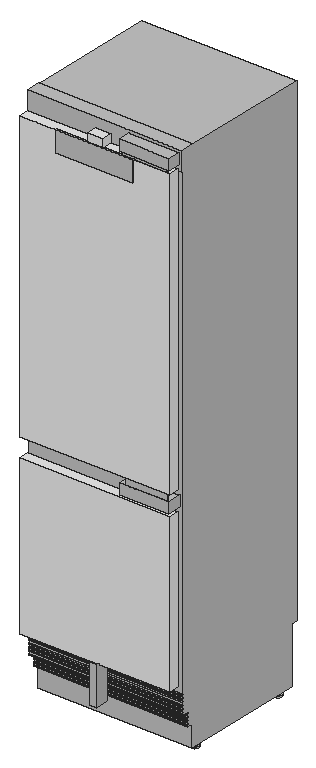
Revit family "FP_Revit_18_RS2484WRUK1_Fridge_90001070A", category Specialty Equipment, Revit 2018
Family settings
  Round Connector Dimension = Use Diameter
  Part Type = Normal
  OmniClass Number = 23.40.40.11.11
  OmniClass Title = Refrigerators and Freezers
  Work Plane-Based = No
  Always vertical = Yes
  Cut with Voids When Loaded = Yes
  Shared = No
  Room Calculation Point = No
Parameters (values of type "RS2484WRUK1")
  Visibility - Water Connection = yes
  Visibility - Visibility Control Note = yes
  Visibility - Clearance Required = yes
  URL = "www.fisherpaykel.com"
  Stainless Steel Door Panels (RD2484WRD) = no
  Product - Width = 603 mm  # constant formula
  Product - Height = 2134 mm  # constant formula
  Product - Depth (exl front panel) = 610 mm  # constant formula
  Model = "RS2484WRUK1"
  Material - Handle = Fisher & Paykel - Aluminium
  Material - Door Structure = Fisher & Paykel - White
  Material - Door Front = Fisher & Paykel - Stainless Steel
  Material - Body = Fisher & Paykel - Grey
  Manufacturer = "Fisher & Paykel Appliances"
  Handle Style - Professional Square (AHV2RD2484W) = no
  Handle Style - Professional Round Flush (AHP3RD2484W) = no
  Handle Style - Professional Round (AHCRD2484W) = no
  Handle Style - Contemporary Square Fine Black (AHD5RD2484WB) = no
  Handle Style - Contemporary Square Fine (AHD5RD2484W) = no
  Handle Style - Contemporary Square (AHD3RD2484W) = no
  Handle Style - Contemporary Round (AHSRD2484W) = no
  Description = "24\" Integrated Column Refrigerator/Freezer with Ice & Water"
  Connector Description - Water = "1/4\" (6mm) comp. stainless steel braided hose"
  Connector Description - Electrical = "120 V, 10 amp fused electrical supply"
  Cavity - Width = 610 mm  # constant formula
  Cavity - Height = 2134 mm  # constant formula
  Cavity - Depth = 635 mm  # constant formula
Reference planes
  plane 1 "Datum": y = 0
  plane 2: z = 0
  plane 3 "Center (Left/Right)": x = 0
  plane 4 "Product LHS": x = -301.5
  plane 5 "Product RHS": x = 301.5
  plane 6 "Product - Depth": y = 610
  plane 7 "Cavity LHS": x = -305
  plane 8 "Cavity RHS": x = 305
  plane 9 "Cavity - Depth": y = 635
  plane 10 "Handle Offset": x = -238.5
  plane 11 "Product Height": z = 2134
  plane 12 "Cavity Height": z = 2134
  plane 13 "Door Panel Datum": y = -4.1
Forms (mm)
  Extrusion 1, solid, material "Fisher & Paykel - Grey" <- "Material - Body", detail levels fine
    sketch origin (0, 0, 0) x (0, 1, 0) y (0, 0, 1)
      loop
        line (100.1, 19.1) -> (587.9, 19.1) -> (587.9, 239.7) -> (610, 239.7) -> (610, 2132.3) -> (105.1, 2132.3) -> (105.1, 2134) -> (49.9, 2134) -> (49.9, 2059) -> (56, 2059) -> (56, 228.6) -> (59.5, 228.6) -> (59.5, 219.7) -> (56.5, 219.7) -> (56.5, 215.9) -> (59.5, 215.9) -> (59.5, 207) -> (56.5, 207) -> (56.5, 203.2) -> (59.5, 203.2) -> (59.5, 194.3) -> (56.5, 194.3) -> (56.5, 190.5) -> (59.5, 190.5) -> (59.5, 181.6) -> (56.5, 181.6) -> (56.5, 177.8) -> (59.5, 177.8) -> (59.5, 168.9) -> (56.5, 168.9) -> (56.5, 165.1) -> (59.5, 165.1) -> (59.5, 156.2) -> (56.5, 156.2) -> (56.5, 152.4) -> (84.1, 152.4) -> (84.1, 143.5) -> (81.1, 143.5) -> (81.1, 139.7) -> (84.1, 139.7) -> (84.1, 130.8) -> (81.1, 130.8) -> (81.1, 127) -> (84.1, 127) -> (84.1, 118.1) -> (81.1, 118.1) -> (81.1, 114.3) -> (84.1, 114.3) -> (84.1, 105.4) -> (81.1, 105.4) -> (81.1, 101.6) -> (100.1, 101.6) -> (100.1, 19.1)
    from -301.5 to 301.5
  Extrusion 2, solid, material "Fisher & Paykel - Grey" <- "Material - Body"
    sketch origin (0, 0, 0) x (1, 0, 0) y (0, 1, 0)
      loop
        circle (-281, 547.8) r 4.1
      loop
        circle (-281, 141.8) r 4.1
      loop
        circle (281, 547.8) r 4.1
      loop
        circle (281, 141.8) r 4.1
    from 3 to 19.1
  Extrusion 3, solid, material "Fisher & Paykel - Grey" <- "Material - Body"
    sketch origin (0, 0, 0) x (1, 0, 0) y (0, 1, 0)
      loop
        circle (-281, 547.8) r 14.5
      loop
        circle (-281, 141.8) r 14.555
      loop
        circle (281, 547.8) r 14.5
      loop
        circle (281, 141.8) r 14.555
    from 0 to 3
  Extrusion 4, solid, material "Fisher & Paykel - Grey" <- "Material - Body", detail levels fine
    sketch origin (0, 0, 0) x (1, 0, 0) y (0, 1, 0)
      loop
        line (-7.5, 49) -> (-13.797, -4.1) -> (13.797, -4.1) -> (7.5, 49) -> (-7.5, 49)
    from 104.2 to 253.8
  Extrusion 5, solid, material "Fisher & Paykel - Grey" <- "Material - Body", detail levels fine
    sketch origin (0, 0, 0) x (1, 0, 0) y (0, 0, 1)
      loop
        line (289.9, 2123.15) -> (95.42, 2123.15) -> (95.42, 2081.05) -> (289.9, 2081.05) -> (289.9, 2123.15)
    from -49 to -2.5
  Extrusion 6, solid, material "Fisher & Paykel - Grey" <- "Material - Body", detail levels fine
    sketch origin (0, 0, 0) x (0, 1, 0) y (0, 0, 1)
      loop
        line (0, 2070.6) -> (0, 1988.6) -> (2, 1988.6) -> (2, 2068.6) -> (4, 2068.6) -> (4, 2070.6) -> (0, 2070.6)
    from -150 to 150
  Extrusion 7, solid, material "Fisher & Paykel - Grey" <- "Material - Body"
    sketch origin (0, 0, 0) x (1, 0, 0) y (0, 0, 1)
      loop
        circle (226.5, 119.813) r 5
      loop
        circle (-226.5, 119.813) r 5
    from -590 to -587.9
  Extrusion 8, solid, material "Fisher & Paykel - White" <- "Material - Door Structure"
    sketch origin (0, 0, 0) x (1, 0, 0) y (0, 1, 0)
      loop
        line (-276.5, 56) -> (-276.5, 42) -> (276.5, 42) -> (276.5, 56) -> (-276.5, 56)
    from 951.3 to 2030.7
  Extrusion 9, solid, material "Fisher & Paykel - White" <- "Material - Door Structure"
    sketch origin (0, 0, 0) x (1, 0, 0) y (0, 1, 0)
      loop
        line (-292.9, 42) -> (-292.9, 3) -> (292.9, 3) -> (292.9, 42) -> (-292.9, 42)
    from 943.8 to 2068.6
  Extrusion 10, solid, material "Fisher & Paykel - White" <- "Material - Door Structure", detail levels fine
    sketch origin (0, 0, 0) x (1, 0, 0) y (0, 0, 1)
      loop
        line (-29.5, 2100.1) -> (-29.5, 2068.6) -> (29.5, 2068.6) -> (29.5, 2100.1) -> (-29.5, 2100.1)
    from -42 to -3
  Extrusion 11, solid, material "Fisher & Paykel - Stainless Steel" <- "Material - Door Front", visible <- "Stainless Steel Door Panels (RD2484WRD)"
    sketch origin (0, 0, 0) x (0, 1, 0) y (0, 0, 1)
      loop
        line (-22.1, 2130.8) -> (-22.1, 876.3) -> (-4.1, 876.3) -> (-4.1, 2130.8) -> (-22.1, 2130.8)
      loop
        line (-22.1, 102) -> (-4.1, 102) -> (-4.1, 873.1) -> (-22.1, 873.1) -> (-22.1, 102)
    from -301.5 to 301.5
  Extrusion 12, solid, material "Fisher & Paykel - Grey" <- "Material - Body", detail levels coarse+medium
    sketch origin (0, 0, 0) x (0, 1, 0) y (0, 0, 1)
      loop
        line (49.9, 2134) -> (49.9, 2059) -> (56, 2059) -> (56, 152.4) -> (81.1, 152.4) -> (81.1, 101.6) -> (100.1, 101.6) -> (100.1, 19.1) -> (587.9, 19.1) -> (587.9, 239.7) -> (610, 239.7) -> (610, 2134) -> (49.9, 2134)
    from -301.5 to 301.5
  Extrusion 13, solid, material "Fisher & Paykel - Grey" <- "Material - Body", detail levels fine
    sketch origin (0, 0, 0) x (1, 0, 0) y (0, 0, 1)
      loop
        line (289.9, 877.25) -> (289.9, 919.35) -> (95.42, 919.35) -> (95.42, 877.25) -> (289.9, 877.25)
    from -56 to -2.5
  Extrusion 14, solid, material "Fisher & Paykel - Grey" <- "Material - Body", detail levels fine
    sketch origin (0, 0, -4) x (0, 1, 0) y (0, 0, 1)
      loop
        arc (163.888, 23.1) -> (180.4, 13.63) -> (196.912, 23.1) r 19.13
        line (196.912, 23.1) -> (163.888, 23.1)
      loop
        arc (493.888, 23.1) -> (510.4, 13.63) -> (526.912, 23.1) r 19.13
        line (526.912, 23.1) -> (493.888, 23.1)
    from 191 to 219
  Extrusion 15, solid, material "Fisher & Paykel - Grey" <- "Material - Body", detail levels fine
    sketch origin (0, 0, -4) x (0, 1, 0) y (0, 0, -1)
      loop
        line (163.888, -23.1) -> (196.912, -23.1)
        arc (196.912, -23.1) -> (180.4, -13.63) -> (163.888, -23.1) r 19.13
      loop
        line (493.888, -23.1) -> (526.912, -23.1)
        arc (526.912, -23.1) -> (510.4, -13.63) -> (493.888, -23.1) r 19.13
    from 191 to 219
  Extrusion 16, solid, material "Fisher & Paykel - Clearance Required", visible <- "Visibility - Clearance Required", detail levels coarse
    sketch origin (0, 0, 0) x (1, 0, 0) y (0, 1, 0)
      loop
        line (-305, 635) -> (-305, -4.1) -> (305, -4.1) -> (305, 635) -> (-305, 635)
    from 0 to 2134
  Extrusion 17, void
    sketch origin (0, 0, 0) x (1, 0, 0) y (0, 1, 0)
      loop
        line (-305, 635) -> (-305, -22.1) -> (305, -22.1) -> (305, 635) -> (-305, 635)
    from 0 to 2134
  Extrusion 18, solid, material "Fisher & Paykel - Grey" <- "Material - Body", detail levels fine
    sketch origin (0, 0, 0) x (1, 0, 0) y (0, 0, 1)
      loop
        line (118.4, 943.8) -> (118.4, 919.35) -> (282.9, 919.35) -> (282.9, 943.8) -> (118.4, 943.8)
      loop
        line (106, 2081.05) -> (106, 2068.6) -> (282.9, 2068.6) -> (282.9, 2076.05) -> (242.9, 2081.05) -> (106, 2081.05)
    from -7 to -4
  Extrusion 19, solid, material "Fisher & Paykel - White" <- "Material - Door Structure"
    sketch origin (0, 0, 0) x (1, 0, 0) y (0, 1, 0)
      loop
        line (-292.9, 42) -> (-292.9, 3) -> (292.9, 3) -> (292.9, 42) -> (-292.9, 42)
    from 253.8 to 868.15
  Extrusion 20, solid, material "Fisher & Paykel - White" <- "Material - Door Structure"
    sketch origin (0, 0, 0) x (1, 0, 0) y (0, 1, 0)
      loop
        line (-276.5, 56) -> (-276.5, 42) -> (276.5, 42) -> (276.5, 56) -> (-276.5, 56)
    from 269.2 to 858.13
  Extrusion 21, solid, material "Fisher & Paykel - Clearance Required", visible <- "Visibility - Clearance Required", detail levels coarse
    sketch origin (0, 0, 0) x (0, 1, 0) y (0, 0, 1)
      loop
        line (-422.1, 873.1) -> (-422.1, 818.896) -> (-482.1, 818.896) -> (-482.1, 781.896) -> (-422.1, 781.896) -> (-422.1, 101.6) -> (-22.1, 101.6) -> (-22.1, 873.1) -> (-422.1, 873.1)
    from -305 to 305
  Extrusion 22, solid, material "Fisher & Paykel - Clearance Required", visible <- "Visibility - Clearance Required", detail levels coarse
    sketch origin (0, 0, 0) x (1, 0, 0) y (0, 1, 0)
      loop
        line (301.5, -22.1) -> (-301.5, -22.1)
        arc (-301.5, -22.1) -> (-14.693, -560.645) -> (593.641, -607.752) r 633.927
        line (593.641, -607.752) -> (571.638, -560.412) -> (599.086, -547.613)
        arc (599.086, -547.613) -> (608.033, -523.032) -> (583.452, -514.085) r 18.497
        line (583.452, -514.085) -> (556.046, -526.865) -> (339.359, -60.653)
        arc (339.359, -60.653) -> (304.469, -57.05) -> (301.5, -22.1) r 27.5
    from 876.3 to 2134
Lines and regions (mm)
  model lines, style "Fisher & Paykel"
    curve 1: line (-301.5, 0, 2130.8) -> (301.5, 0, 2130.8)
    curve 2: line (-301.5, 0, 876.3) -> (-301.5, 0, 2130.8)
    curve 3: line (301.5, 0, 876.3) -> (-301.5, 0, 876.3)
    curve 4: line (301.5, 0, 2130.8) -> (301.5, 0, 876.3)
    curve 5: line (301.5, 0, 873.1) -> (-301.5, 0, 873.1)
    curve 6: line (301.5, 0, 102) -> (301.5, 0, 873.1)
    curve 7: line (-301.5, 0, 102) -> (301.5, 0, 102)
    curve 8: line (-301.5, 0, 873.1) -> (-301.5, 0, 102)
Text (mm)
  text "Due to ongoing product development, product details are subject to change without notice. \nPlease always refer to www.fisherpaykel.com for the most current product information. \n© Fisher & Paykel 2020" at (41.04, -678.295, 0), in view "Ref. Level (Plan)"
Dimensions and locks
  equal spacing: plane 4 "Product LHS", plane 3 "Center (Left/Right)", plane 5 "Product RHS"
  "Product - Width": plane 4 "Product LHS" to plane 5 "Product RHS"
  "Product - Depth (exl front panel)": plane 1 "Datum" to plane 6 "Product - Depth"
  equal spacing: plane 7 "Cavity LHS", plane 3 "Center (Left/Right)", plane 8 "Cavity RHS"
  "Cavity - Width": plane 7 "Cavity LHS" to plane 8 "Cavity RHS"
  "Cavity - Depth": plane 9 "Cavity - Depth" to plane 1 "Datum"
  plane 4 "Product LHS" to Extrusion 2 sketch curve = 24.6 mm
  plane 4 "Product LHS" to plane 10 "Handle Offset" = 63 mm
  Extrusion 7 sketch curve to Extrusion 1 = 119.887 mm  (x2)
  Extrusion 7 sketch curve to plane 5 "Product RHS" = 75 mm
  plane 4 "Product LHS" to Extrusion 7 sketch curve = 75 mm
  Extrusion 1 sketch curve to Extrusion 1 sketch curve = 82.5 mm
  Extrusion 1 sketch curve to Extrusion 1 sketch curve = 209.5 mm
  Extrusion 1 sketch curve to Extrusion 1 sketch curve = 220.6 mm
  Extrusion 3 to level = 3 mm
  Extrusion 12 to Extrusion 9 = 924.7 mm
  Extrusion 12 to Extrusion 8 = 932.2 mm
  Extrusion 12 to Extrusion 12 = 2114.9 mm
  Extrusion 12 to Extrusion 11 = 82.9 mm
  "Product - Height": level to plane 11 "Product Height"
  plane 11 "Product Height" to Extrusion 11 = 3.2 mm
  Extrusion 9 to plane 11 "Product Height" = 65.4 mm
  Extrusion 8 to plane 11 "Product Height" = 103.3 mm
  Extrusion 12 sketch curve to plane 11 "Product Height" = 75 mm
  Extrusion 1 sketch curve to plane 11 "Product Height" = 1.7 mm
  Extrusion 1 sketch curve to plane 11 "Product Height" = 75 mm
  "Cavity - Height": plane 12 "Cavity Height" to level
  plane 1 "Datum" to Extrusion 16 = 635 mm
  plane 1 "Datum" to Extrusion 17 = 635 mm
  Extrusion 18 sketch curve to Extrusion 18 sketch curve = 40 mm
  Extrusion 18 sketch curve to plane 3 "Center (Left/Right)" = 106 mm
  Extrusion 18 sketch curve to Extrusion 18 sketch curve = 176.9 mm
  Extrusion 18 sketch curve to plane 3 "Center (Left/Right)" = 118.4 mm
  plane 3 "Center (Left/Right)" to Extrusion 18 sketch curve = 282.9 mm
  Extrusion 17 to level = 2134 mm
  radius of Extrusion 7 sketch curve = 5 mm
  aligned and locked: level to plane 2
  aligned and locked: Extrusion 11 to plane 5 "Product RHS"
  aligned and locked: plane 4 "Product LHS" to Extrusion 11
  aligned and locked: Extrusion 12 to plane 5 "Product RHS"
  aligned and locked: Extrusion 12 to plane 4 "Product LHS"
  aligned and locked: Extrusion 12 sketch curve to plane 11 "Product Height"
  aligned and locked: plane 11 "Product Height" to Extrusion 1 sketch curve
  aligned and locked: Extrusion 14 sketch curve to Extrusion 14 sketch curve
  aligned and locked: Extrusion 15 sketch curve to Extrusion 15 sketch curve
  aligned and locked: Extrusion 1 to plane 5 "Product RHS"
  aligned and locked: plane 4 "Product LHS" to Extrusion 1
  aligned and locked: nested 2 to plane 10 "Handle Offset"
  aligned and locked: nested 3 to plane 10 "Handle Offset"
  aligned and locked: nested 4 to plane 10 "Handle Offset"
  aligned and locked: nested 5 to plane 10 "Handle Offset"
  aligned and locked: nested 6 to plane 10 "Handle Offset"
  aligned and locked: nested 7 to plane 10 "Handle Offset"
  aligned and locked: nested 8 to plane 10 "Handle Offset"
Automatic sketch dimensions
  Extrusion 1 sketch curve to plane 6 "Product - Depth" = 0 mm
  Extrusion 1 sketch curve to Extrusion 1 sketch curve = 22.1 mm
  Extrusion 1 sketch curve to plane 1 "Datum" = 105.1 mm
  level to Extrusion 1 sketch curve = 19.1 mm
  Extrusion 1 sketch curve to plane 1 "Datum" = 100.1 mm
  Extrusion 1 sketch curve to Extrusion 1 sketch curve = 16 mm
  Extrusion 1 sketch curve to Extrusion 1 sketch curve = 0 mm  (x8)
  Extrusion 1 sketch curve to Extrusion 1 sketch curve = 3 mm  (x10)
  Extrusion 1 sketch curve to plane 1 "Datum" = 59.5 mm
  Extrusion 1 sketch curve to plane 1 "Datum" = 56 mm
  Extrusion 1 sketch curve to plane 1 "Datum" = 49.9 mm
  Extrusion 1 sketch curve to Extrusion 1 sketch curve = 3.8 mm  (x10)
  Extrusion 1 sketch curve to Extrusion 1 sketch curve = 8.9 mm  (x9)
  Extrusion 2 sketch curve to plane 4 "Product LHS" = 20.5 mm  (x2)
  plane 5 "Product RHS" to Extrusion 2 sketch curve = 20.5 mm  (x2)
  Extrusion 2 sketch curve to plane 1 "Datum" = 141.8 mm  (x2)
  Extrusion 2 sketch curve to plane 6 "Product - Depth" = 62.2 mm  (x2)
  Extrusion 3 sketch curve to plane 4 "Product LHS" = 20.5 mm  (x2)
  plane 5 "Product RHS" to Extrusion 3 sketch curve = 20.5 mm  (x2)
  Extrusion 3 sketch curve to plane 1 "Datum" = 141.8 mm  (x2)
  Extrusion 3 sketch curve to plane 6 "Product - Depth" = 62.2 mm  (x2)
  plane 1 "Datum" to Extrusion 4 sketch curve = 4.1 mm
  Extrusion 4 sketch curve to plane 3 "Center (Left/Right)" = 13.797 mm
  Extrusion 4 sketch curve to plane 3 "Center (Left/Right)" = 7.5 mm
  plane 3 "Center (Left/Right)" to Extrusion 4 sketch curve = 7.5 mm
  plane 3 "Center (Left/Right)" to Extrusion 4 sketch curve = 13.797 mm
  Extrusion 4 sketch curve to plane 1 "Datum" = 49 mm
  plane 11 "Product Height" to Extrusion 5 sketch curve = 10.85 mm
  plane 3 "Center (Left/Right)" to Extrusion 5 sketch curve = 95.42 mm
  plane 5 "Product RHS" to Extrusion 5 sketch curve = 11.6 mm
  Extrusion 5 sketch curve to Extrusion 5 sketch curve = 42.1 mm
  Extrusion 6 sketch curve to plane 1 "Datum" = 0 mm
  Extrusion 6 sketch curve to plane 1 "Datum" = 2 mm
  Extrusion 6 sketch curve to Extrusion 6 sketch curve = 2 mm  (x2)
  plane 11 "Product Height" to Extrusion 6 sketch curve = 145.4 mm
  plane 11 "Product Height" to Extrusion 6 sketch curve = 65.4 mm
  Extrusion 8 sketch curve to plane 4 "Product LHS" = 25 mm
  plane 5 "Product RHS" to Extrusion 8 sketch curve = 25 mm
  Extrusion 8 sketch curve to plane 1 "Datum" = 42 mm
  Extrusion 8 sketch curve to Extrusion 8 sketch curve = 14 mm
  Extrusion 9 sketch curve to plane 1 "Datum" = 3 mm
  Extrusion 9 sketch curve to plane 4 "Product LHS" = 8.6 mm
  plane 5 "Product RHS" to Extrusion 9 sketch curve = 8.6 mm
  Extrusion 9 sketch curve to Extrusion 9 sketch curve = 39 mm
  Extrusion 10 sketch curve to plane 3 "Center (Left/Right)" = 29.5 mm
  plane 3 "Center (Left/Right)" to Extrusion 10 sketch curve = 29.5 mm
  plane 11 "Product Height" to Extrusion 10 sketch curve = 65.4 mm
  Extrusion 10 sketch curve to Extrusion 10 sketch curve = 31.5 mm
  Extrusion 12 sketch curve to plane 6 "Product - Depth" = 0 mm
  Extrusion 12 sketch curve to plane 6 "Product - Depth" = 22.1 mm
  Extrusion 12 sketch curve to plane 1 "Datum" = 100.1 mm
  Extrusion 12 sketch curve to Extrusion 12 sketch curve = 19 mm
  Extrusion 12 sketch curve to plane 1 "Datum" = 56 mm
  Extrusion 12 sketch curve to plane 1 "Datum" = 49.9 mm
  level to Extrusion 12 sketch curve = 239.7 mm
  level to Extrusion 12 sketch curve = 152.4 mm
  Extrusion 12 sketch curve to Extrusion 12 sketch curve = 50.8 mm
  level to Extrusion 12 sketch curve = 19.1 mm
  plane 3 "Center (Left/Right)" to Extrusion 13 sketch curve = 95.42 mm
  plane 5 "Product RHS" to Extrusion 13 sketch curve = 11.6 mm
  level to Extrusion 13 sketch curve = 877.25 mm
  Extrusion 13 sketch curve to Extrusion 13 sketch curve = 42.1 mm
  level to Extrusion 14 sketch curve = 19.1 mm
  Extrusion 14 sketch curve to plane 1 "Datum" = 163.888 mm
  Extrusion 14 sketch curve to Extrusion 14 sketch curve = 16.512 mm  (x2)
  Extrusion 14 sketch curve to plane 6 "Product - Depth" = 116.112 mm
  Extrusion 14 sketch curve to Extrusion 14 sketch curve = 9.66 mm  (x2)
  level to Extrusion 15 sketch curve = 19.1 mm
  Extrusion 15 sketch curve to plane 1 "Datum" = 163.888 mm
  Extrusion 15 sketch curve to Extrusion 15 sketch curve = 16.512 mm  (x2)
  Extrusion 15 sketch curve to plane 6 "Product - Depth" = 116.112 mm
  Extrusion 15 sketch curve to Extrusion 15 sketch curve = 9.66 mm  (x2)
  Extrusion 16 sketch curve to plane 7 "Cavity LHS" = 0 mm
  Extrusion 16 sketch curve to plane 8 "Cavity RHS" = 0 mm
  Extrusion 16 sketch curve to plane 9 "Cavity - Depth" = 0 mm
  plane 1 "Datum" to Extrusion 16 sketch curve = 4.1 mm
  Extrusion 17 sketch curve to plane 7 "Cavity LHS" = 0 mm
  Extrusion 17 sketch curve to plane 8 "Cavity RHS" = 0 mm
  plane 9 "Cavity - Depth" to Extrusion 17 sketch curve = 0 mm
  plane 1 "Datum" to Extrusion 17 sketch curve = 22.1 mm
  level to Extrusion 18 sketch curve = 919.35 mm
  Extrusion 18 sketch curve to Extrusion 18 sketch curve = 24.45 mm
  plane 11 "Product Height" to Extrusion 18 sketch curve = 65.4 mm
  Extrusion 18 sketch curve to Extrusion 18 sketch curve = 7.45 mm
  Extrusion 18 sketch curve to Extrusion 18 sketch curve = 5 mm
  Extrusion 19 sketch curve to plane 1 "Datum" = 3 mm
  Extrusion 19 sketch curve to plane 4 "Product LHS" = 8.6 mm
  plane 5 "Product RHS" to Extrusion 19 sketch curve = 8.6 mm
  Extrusion 19 sketch curve to Extrusion 19 sketch curve = 39 mm
  Extrusion 20 sketch curve to plane 4 "Product LHS" = 25 mm
  plane 5 "Product RHS" to Extrusion 20 sketch curve = 25 mm
  Extrusion 20 sketch curve to plane 1 "Datum" = 42 mm
  Extrusion 20 sketch curve to Extrusion 20 sketch curve = 14 mm
  plane 1 "Datum" to Extrusion 21 sketch curve = 482.1 mm
  Extrusion 21 sketch curve to Extrusion 21 sketch curve = 60 mm
  Extrusion 21 sketch curve to Extrusion 21 sketch curve = 0 mm
  plane 1 "Datum" to Extrusion 21 sketch curve = 22.1 mm
  level to Extrusion 21 sketch curve = 101.6 mm
  Extrusion 21 sketch curve to Extrusion 21 sketch curve = 680.296 mm
  Extrusion 21 sketch curve to Extrusion 21 sketch curve = 37 mm
  Extrusion 21 sketch curve to Extrusion 21 sketch curve = 54.204 mm
  Extrusion 22 sketch curve to plane 4 "Product LHS" = 0 mm
  Extrusion 22 sketch curve to plane 5 "Product RHS" = 0 mm
  Extrusion 22 sketch curve to plane 8 "Cavity RHS" = 19.09 mm
  Extrusion 22 sketch curve to Extrusion 22 sketch curve = 8.286 mm
  Extrusion 22 sketch curve to Extrusion 22 sketch curve = 15.269 mm
  Extrusion 22 sketch curve to plane 8 "Cavity RHS" = 251.046 mm
  Extrusion 22 sketch curve to Extrusion 22 sketch curve = 15.592 mm
  Extrusion 22 sketch curve to Extrusion 22 sketch curve = 27.406 mm
  Extrusion 22 sketch curve to Extrusion 22 sketch curve = 7.817 mm  (x2)
  Extrusion 22 sketch curve to Extrusion 22 sketch curve = 22.003 mm
  plane 1 "Datum" to Extrusion 22 sketch curve = 607.752 mm
  Extrusion 22 sketch curve to Extrusion 22 sketch curve = 47.34 mm
  Extrusion 22 sketch curve to Extrusion 22 sketch curve = 12.799 mm
  Extrusion 22 sketch curve to Extrusion 22 sketch curve = 16.764 mm
  Extrusion 22 sketch curve to Extrusion 22 sketch curve = 12.78 mm
  plane 1 "Datum" to Extrusion 22 sketch curve = 60.653 mm
  Extrusion 22 sketch curve to Extrusion 22 sketch curve = 22.871 mm
  plane 1 "Datum" to Extrusion 11 sketch curve = 22.1 mm
  plane 1 "Datum" to Extrusion 11 sketch curve = 4.1 mm
  level to Extrusion 11 sketch curve = 102 mm
  plane 11 "Product Height" to Extrusion 11 sketch curve = 3.2 mm
  Extrusion 11 sketch curve to Extrusion 11 sketch curve = 3.2 mm
  Extrusion 11 sketch curve to Extrusion 11 sketch curve = 771.1 mm
  Extrusion 11 sketch curve to Extrusion 11 sketch curve = 0 mm  (x2)
  plane 4 "Product LHS" to curve 1 = 0 mm
  plane 4 "Product LHS" to curve 8 = 0 mm
  plane 5 "Product RHS" to curve 4 = 0 mm
  plane 5 "Product RHS" to curve 6 = 0 mm
  level to curve 6 = 102 mm
  curve 6 to curve 6 = 771.1 mm
  curve 5 to curve 2 = 3.2 mm
  plane 11 "Product Height" to curve 2 = 3.2 mm
  radius of Extrusion 2 sketch curve = 4.1 mm  (x3)
  radius of Extrusion 3 sketch curve = 14.5 mm  (x2)
  radius of Extrusion 3 sketch curve = 14.555 mm  (x2)
  radius of Extrusion 7 sketch curve = 5 mm
Nested families
  nested 1: "Visibility Control Note 18" at (0, 0, 0), visible <- "Visibility - Visibility Control Note", type "Visibility Control Note 18"
  nested 2: "Handle Contemporary Round - Vertical" at (-238.5, -22.1, 1322.58), visible <- "Handle Style - Contemporary Round (AHSRD2484W)", type "AHSRD2484W - Contemporary round handle (1 of 2) (Vertical) 727mm"
  nested 3: "Handle Contemporary Square - Vertical" at (-238.5, -22.1, 1322.58), visible <- "Handle Style - Contemporary Square (AHD3RD2484W)", type "AHD3RD2484W - Contemporary square handle (1 of 2) (Vertical) 727mm"
  nested 4: "F&P Handle Kit - Contemporary Square Fine - Vertical" at (-238.5, -22.1, 1322.58), visible <- "Handle Style - Contemporary Square Fine Black (AHD5RD2484WB)", type "AHD5RD2484WB - Contemporary square fine black handle (1 of 2) (Vertical) 727mm"
  nested 5: "F&P Handle Kit - Contemporary Square Fine - Vertical" at (-238.5, -22.1, 1322.58), visible <- "Handle Style - Contemporary Square Fine (AHD5RD2484W)", type "AHD5RD2484W - Contemporary square fine handle (1 of 2) (Vertical) 727mm"
  nested 6: "Handle Professional Round - Vertical" at (-238.5, -22.1, 1322.58), visible <- "Handle Style - Professional Round (AHCRD2484W)", type "AHCRD2484W - Professional round handle (1 of 2) (Vertical) 661mm"
  nested 7: "Handle Professional Round Flush - Vertical" at (-238.5, -22.1, 1322.58), visible <- "Handle Style - Professional Round Flush (AHP3RD2484W)", type "AHP3RD2484W - Professional round flush handle (1 of 2) (Vertical) 677mm"
  nested 8: "Handle Professional Square - Vertical" at (-238.5, -22.1, 1322.58), visible <- "Handle Style - Professional Square (AHV2RD2484W)", type "AHV2RD2484W - Professional square handle (1 of 2) (Vertical) 727mm"
  nested 9: "Handle Contemporary Round - Horizontal" at (0, -22.1, 800.364), visible <- "Handle Style - Contemporary Round (AHSRD2484W)", type "AHSRD2484W - Contemporary round handle (2 of 2) (Horizontal) 494mm"
  nested 10: "Handle Contemporary Square - Horizontal" at (0, -22.1, 800.364), visible <- "Handle Style - Contemporary Square (AHD3RD2484W)", type "AHD3RD2484W - Contemporary square handle (2 of 2) (Horizontal) 494mm"
  nested 11: "F&P Handle Kit - Contemporary Square Fine - Horizontal" at (0, -22.1, 800.364), visible <- "Handle Style - Contemporary Square Fine Black (AHD5RD2484WB)", type "AHD5RD2484WB - Contemporary square fine black handle (2 of 2) (Horizontal) 494mm"
  nested 12: "Handle Professional Round - Horizontal" at (0, -22.1, 800.364), visible <- "Handle Style - Professional Round (AHCRD2484W)", type "AHCRD2484W - Professional round handle (2 of 2) (Horizontal) 428mm"
  nested 13: "Handle Professional Round Flush - Horizontal" at (0, -22.1, 800.364), visible <- "Handle Style - Professional Round Flush (AHP3RD2484W)", type "AHP3RD2484W - Professional round flush handle (2 of 2) (Horizontal) 443mm"
  nested 14: "Handle Professional Square - Horizontal" at (0, -22.1, 800.364), visible <- "Handle Style - Professional Square (AHV2RD2484W)", type "AHV2RD2484W - Professional square handle (2 of 2) (Horizontal) 434mm"
  nested 15: "F&P Handle Kit - Contemporary Square Fine - Horizontal" at (0, -22.1, 800.364), visible <- "Handle Style - Contemporary Square Fine (AHD5RD2484W)", type "AHD5RD2484W - Contemporary square fine handle (2 of 2) (Horizontal) 494mm"
Connectors
  electrical at (-226.5, 590, 119.813), driven by "Connector Description - Electrical"
    settings: on Extrusion 7, index 1, voltage 120 V, apparent load 0 VA, apparent load phase1 0 VA, apparent load phase2 0 VA, apparent load phase3 0 VA, power factor 1, load classification "Other", number of poles 1, system type 30, power factor state 1, is connector primary yes, connector utility no, sub classification motor no, connector description "120 V, 10 amp fused electrical supply"
  piping at (226.5, 590, 119.813), diameter 12.7, driven by "Visibility - Water Connection", driven by "Connector Description - Water"
    settings: on Extrusion 7, index 2, connector inside diameter 609.6 mm, connector length 0 mm, flow factor 0, pipe flow 0.0 L/s, pressure drop 0.0 Pa, fitting loss kfactor 0, connector angle 0.00°, fixture units 0, engagement length 0 mm, angle of deflection 0.00°, flow configuration 0, flow direction 1, fitting loss method 0, system type 20, joint type 0, gender type 0, connector reference index -1, connector utility 1, adjustable connector no, is connector primary yes, connector description "1/4\" (6mm) comp. stainless steel braided hose"
Definition of nested family "Handle Contemporary Round - Vertical"
  Parameters (values of type "AHSRS80A - Contemporary round handle (1 of 2) (Vertical) 727mm")
    URL = "www.fisherpaykel.com"
    Material - Handle = none
    Manufacturer = "Fisher & Paykel Appliances"
    Handle - Length = 727 mm
  Types (6, lengths in mm): name | Handle - Length
    AHS-RD21 - Contemporary round handle (Vertical) 852mm | 852
    AHSRD2484W - Contemporary round handle (1 of 2) (Vertical) 727mm | 727
    AHSRD3084W - Contemporary round handle (1 of 2) (Vertical) 727mm | 727
    AHS-RD84 - Contemporary round handle (Vertical) 852mm | 852
    AHSRS3272A - Contemporary round handle (1 of 2) (Vertical) 727mm | 727
    AHSRS80A - Contemporary round handle (1 of 2) (Vertical) 727mm | 727
  Reference planes
    plane 1 "Center (Front/Back)": y = 0
    plane 2: z = 0
    plane 3 "Center (Left/Right)": x = 0
    plane 4 "Top": z = 363.5
    plane 5 "Bottom": z = -363.5
    plane 6 "Top Standoff": z = 243.5
    plane 7 "Bottom Standoff": z = -243.5
  Forms (mm)
    Extrusion 1, solid, material <- "Material - Handle"
      sketch origin (0, 0, 0) x (1, 0, 0) y (0, 1, 0)
        loop
          circle (0, -32.3) r 8.7
      from -243.5 to 243.5
    Extrusion 2, solid, material <- "Material - Handle", detail levels fine
      sketch origin (0, 0, 0) x (1, 0, 0) y (0, 1, 0)
        loop
          line (-8.7, 0) -> (-8.7, -32.3)
          arc (-8.7, -32.3) -> (0, -41) -> (8.7, -32.3) r 8.7
          line (8.7, -32.3) -> (8.7, 0) -> (-8.7, 0)
      from 243.5 to 363.5
    Extrusion 3, solid, material <- "Material - Handle", detail levels fine
      sketch origin (0, 0, 0) x (1, 0, 0) y (0, 1, 0)
        loop
          line (-8.7, 0) -> (-8.7, -32.3)
          arc (-8.7, -32.3) -> (0, -41) -> (8.7, -32.3) r 8.7
          line (8.7, -32.3) -> (8.7, 0) -> (-8.7, 0)
      from -363.5 to -243.5
    Sweep 4, void
      path in 3D
        loop
          line (8.7, 0, -363.5) -> (8.7, -32.3, -363.5)
          arc (8.7, -32.3, -363.5) -> (0, -41, -363.5) -> (-8.7, -32.3, -363.5) r 8.7
          line (-8.7, -32.3, -363.5) -> (-8.7, 0, -363.5)
      profile origin (8.7, -16.15, -363.5) x (-1, 0, 0) y (0, 0, -1)
        loop
          line (0, 0) -> (0, -1) -> (1, 0) -> (0, 0)
    Sweep 5, void
      path in 3D
        loop
          line (-8.7, 0, 363.5) -> (-8.7, -32.3, 363.5)
          arc (-8.7, -32.3, 363.5) -> (0, -41, 363.5) -> (8.7, -32.3, 363.5) r 8.7
          line (8.7, -32.3, 363.5) -> (8.7, 0, 363.5)
      profile origin (8.7, -16.15, 363.5) x (-1, 0, 0) y (0, 0, 1)
        loop
          line (0, 0) -> (0, -1) -> (1, 0) -> (0, 0)
    Extrusion 6, solid, material <- "Material - Handle", detail levels coarse+medium
      sketch origin (0, 0, 0) x (1, 0, 0) y (0, 1, 0)
        loop
          line (-8.7, 0) -> (-8.7, -32.3)
          arc (-8.7, -32.3) -> (0, -41) -> (8.7, -32.3) r 8.7
          line (8.7, -32.3) -> (8.7, 0) -> (-8.7, 0)
      from 243.5 to 363.5
    Extrusion 7, solid, material <- "Material - Handle", detail levels coarse+medium
      sketch origin (0, 0, 0) x (1, 0, 0) y (0, 1, 0)
        loop
          line (-8.7, 0) -> (-8.7, -32.3)
          arc (-8.7, -32.3) -> (0, -41) -> (8.7, -32.3) r 8.7
          line (8.7, -32.3) -> (8.7, 0) -> (-8.7, 0)
      from -363.5 to -243.5
  Cuts and joins
    Sweep 4 cuts Extrusion 3
    Sweep 5 cuts Extrusion 2
  Lines and regions (mm)
    sketch lines
      curve 1: line (8.7, 0, -363.5) -> (8.7, -32.3, -363.5)
      curve 2: arc (-8.7, -32.3, -363.5) -> (0, -41, -363.5) -> (8.7, -32.3, -363.5) r 8.7
      curve 3: line (-8.7, -32.3, -363.5) -> (-8.7, 0, -363.5)
      curve 4: line (8.7, -32.3, 363.5) -> (8.7, 0, 363.5)
      curve 5: arc (8.7, -32.3, 363.5) -> (0, -41, 363.5) -> (-8.7, -32.3, 363.5) r 8.7
      curve 6: line (-8.7, 0, 363.5) -> (-8.7, -32.3, 363.5)
  Dimensions and locks
    equal spacing: plane 4 "Top", level, plane 5 "Bottom"
    "Handle - Length": plane 4 "Top" to plane 5 "Bottom"
    locked: plane 4 "Top" to plane 6 "Top Standoff" at 120
    locked: plane 7 "Bottom Standoff" to plane 5 "Bottom" at 120
    Extrusion 2 sketch curve to Extrusion 2 sketch curve = 17.4 mm
    Extrusion 3 sketch curve to Extrusion 3 sketch curve = 17.4 mm
    Extrusion 6 sketch curve to Extrusion 6 sketch curve = 17.4 mm
    Extrusion 7 sketch curve to Extrusion 7 sketch curve = 17.4 mm
    aligned and locked: level to plane 2
    aligned and locked: plane 4 "Top" to Extrusion 2
    aligned and locked: Extrusion 3 to plane 5 "Bottom"
    aligned and locked: plane 7 "Bottom Standoff" to Extrusion 3
    aligned and locked: Extrusion 1 to plane 7 "Bottom Standoff"
    aligned and locked: plane 6 "Top Standoff" to Extrusion 1
    aligned and locked: Extrusion 2 to Extrusion 1
    aligned and locked: Extrusion 6 to Extrusion 1
    aligned and locked: plane 4 "Top" to Extrusion 6
    aligned and locked: Extrusion 7 to Extrusion 1
    aligned and locked: Extrusion 7 to plane 5 "Bottom"
  Automatic sketch dimensions
    Extrusion 1 sketch curve to plane 3 "Center (Left/Right)" = 0 mm
    plane 1 "Center (Front/Back)" to Extrusion 1 sketch curve = 32.3 mm
    plane 1 "Center (Front/Back)" to Extrusion 2 sketch curve = 0 mm
    Extrusion 2 sketch curve to plane 3 "Center (Left/Right)" = 0 mm
    Extrusion 2 sketch curve to plane 3 "Center (Left/Right)" = 8.7 mm
    plane 1 "Center (Front/Back)" to Extrusion 2 sketch curve = 32.3 mm
    plane 1 "Center (Front/Back)" to Extrusion 3 sketch curve = 0 mm
    Extrusion 3 sketch curve to plane 3 "Center (Left/Right)" = 0 mm
    Extrusion 3 sketch curve to plane 3 "Center (Left/Right)" = 8.7 mm
    plane 1 "Center (Front/Back)" to Extrusion 3 sketch curve = 32.3 mm
    Sweep 4 sketch curve to profile plane = 0 mm  (x2)
    Sweep 4 sketch curve to profile plane = 1 mm  (x2)
    Sweep 5 sketch curve to profile plane = 0 mm  (x2)
    Sweep 5 sketch curve to profile plane = 1 mm  (x2)
    Extrusion 6 sketch curve to plane 3 "Center (Left/Right)" = 0 mm
    Extrusion 6 sketch curve to plane 3 "Center (Left/Right)" = 8.7 mm
    plane 1 "Center (Front/Back)" to Extrusion 6 sketch curve = 32.3 mm
    Extrusion 6 sketch curve to Extrusion 6 sketch curve = 32.3 mm
    Extrusion 7 sketch curve to plane 3 "Center (Left/Right)" = 0 mm
    Extrusion 7 sketch curve to plane 3 "Center (Left/Right)" = 8.7 mm
    plane 1 "Center (Front/Back)" to Extrusion 7 sketch curve = 32.3 mm
    Extrusion 7 sketch curve to Extrusion 7 sketch curve = 32.3 mm
    radius of Extrusion 1 sketch curve = 8.7 mm
Definition of nested family "Handle Contemporary Square - Vertical"
  Parameters (values of type "AHD3RS80A - Contemporary square handle (1 of 2) (Vertical) 727mm")
    URL = "www.fisherpaykel.com"
    Material - Handle = none
    Manufacturer = "Fisher & Paykel Appliances"
    Handle - Length = 727 mm
  Types (7, lengths in mm): name | Handle - Length
    (no name) | 727
    AHD3-RD21 - Contemporary square handle (Vertical) 852mm | 852
    AHD3RD2484W - Contemporary square handle (1 of 2) (Vertical) 727mm | 727
    AHD3RD3084W - Contemporary square handle (1 of 2) (Vertical) 727mm | 727
    AHD3-RD84 - Contemporary square handle (Vertical) 852mm | 852
    AHD3RS3272A - Contemporary square handle (1 of 2) (Vertical) 727mm | 727
    AHD3RS80A - Contemporary square handle (1 of 2) (Vertical) 727mm | 727
  Reference planes
    plane 1 "Center (Front/Back)": y = 0
    plane 2: z = 0
    plane 3 "Center (Left/Right)": x = 0
    plane 4 "Top": z = 363.5
    plane 5 "Bottom": z = -363.5
    plane 6 "Top Standoff": z = 243.5
    plane 7 "Bottom Standoff": z = -243.5
  Forms (mm)
    Extrusion 1, solid, material <- "Material - Handle", detail levels fine
      sketch origin (0, 0, 0) x (1, 0, 0) y (0, 1, 0)
        loop
          arc (-7.583, -28.701) -> (-7.89, -29.057) -> (-8, -29.514) r 1
          line (-8, -29.514) -> (-8, -40.5)
          arc (-8, -40.5) -> (-7.561, -41.561) -> (-6.5, -42) r 1.5
          line (-6.5, -42) -> (6.5, -42)
          arc (6.5, -42) -> (7.561, -41.561) -> (8, -40.5) r 1.5
          line (8, -40.5) -> (8, -29.487)
          arc (8, -29.487) -> (7.889, -29.029) -> (7.58, -28.673) r 1
          arc (7.58, -28.673) -> (-0.006, -26.256) -> (-7.583, -28.701) r 13.038
      from -363.5 to 363.5
    Extrusion 2, solid, material <- "Material - Handle", detail levels fine
      sketch origin (0, 0, 0) x (1, 0, 0) y (0, 1, 0)
        loop
          arc (7.058, -28.23) -> (7.466, -28.244) -> (7.674, -27.893) r 0.4
          line (7.674, -27.893) -> (7.674, 0) -> (-7.674, 0) -> (-7.674, -27.86)
          arc (-7.674, -27.86) -> (-7.467, -28.21) -> (-7.06, -28.198) r 0.4
          arc (-7.06, -28.198) -> (0.004, -26.156) -> (7.058, -28.23) r 13.136
      from 243.5 to 363.5
    Extrusion 3, solid, material <- "Material - Handle", detail levels fine
      sketch origin (0, 0, 0) x (1, 0, 0) y (0, 1, 0)
        loop
          arc (7.058, -28.23) -> (7.466, -28.244) -> (7.674, -27.893) r 0.4
          line (7.674, -27.893) -> (7.674, 0) -> (-7.674, 0) -> (-7.674, -27.86)
          arc (-7.674, -27.86) -> (-7.467, -28.21) -> (-7.06, -28.198) r 0.4
          arc (-7.06, -28.198) -> (0.004, -26.156) -> (7.058, -28.23) r 13.136
      from -363.5 to -243.5
    Sweep 4, void
      path in 3D
        loop
          line (-8, -29.514, 363.5) -> (-8, -40.5, 363.5)
          arc (-8, -40.5, 363.5) -> (-7.561, -41.561, 363.5) -> (-6.5, -42, 363.5) r 1.5
          line (-6.5, -42, 363.5) -> (6.5, -42, 363.5)
          arc (6.5, -42, 363.5) -> (7.561, -41.561, 363.5) -> (8, -40.5, 363.5) r 1.5
          line (8, -40.5, 363.5) -> (8, -29.487, 363.5)
      profile origin (8, -34.994, 363.5) x (-1, 0, 0) y (0, 0, 1)
        loop
          line (0, 0) -> (0, -1.3) -> (1.3, 0) -> (0, 0)
    Sweep 5, void
      path in 3D
        loop
          line (8, -29.487, -363.5) -> (8, -40.5, -363.5)
          arc (8, -40.5, -363.5) -> (7.561, -41.561, -363.5) -> (6.5, -42, -363.5) r 1.5
          line (6.5, -42, -363.5) -> (-6.5, -42, -363.5)
          arc (-6.5, -42, -363.5) -> (-7.561, -41.561, -363.5) -> (-8, -40.5, -363.5) r 1.5
          line (-8, -40.5, -363.5) -> (-8, -29.514, -363.5)
      profile origin (8, -34.994, -363.5) x (-1, 0, 0) y (0, 0, -1)
        loop
          line (0, 0) -> (0, -1.3) -> (1.3, 0) -> (0, 0)
    Extrusion 6, void
      sketch origin (0, 0, 0) x (1, 0, 0) y (0, 0, 1)
        loop
          line (-8, -362.2) -> (-8, -363.5) -> (-6.7, -363.5) -> (-8, -362.2)
        loop
          line (8, -362.2) -> (6.7, -363.5) -> (8, -363.5) -> (8, -362.2)
      from 0 to 40
    Extrusion 7, void
      sketch origin (0, 0, 0) x (1, 0, 0) y (0, 0, 1)
        loop
          line (-8, 363.5) -> (-8, 362.2) -> (-6.7, 363.5) -> (-8, 363.5)
        loop
          line (8, 363.5) -> (6.7, 363.5) -> (8, 362.2) -> (8, 363.5)
      from 0 to 40
    Extrusion 8, solid, material <- "Material - Handle", detail levels coarse+medium
      sketch origin (0, 0, 0) x (0, 1, 0) y (0, 0, 1)
        loop
          line (0, 363.5) -> (-42, 363.5) -> (-42, -363.5) -> (0, -363.5) -> (0, -243.5) -> (-26.245, -243.5) -> (-26.245, 243.5) -> (0, 243.5) -> (0, 363.5)
      from -8 to 8
  Cuts and joins
    Sweep 4, Sweep 5, Extrusion 6, Extrusion 7 cuts Extrusion 1
    Extrusion 6 cuts Extrusion 3
    Extrusion 7 cuts Extrusion 2
  Lines and regions (mm)
    sketch lines
      curve 1: line (8, -40.5, 363.5) -> (8, -29.487, 363.5)
      curve 2: arc (8, -40.5, 363.5) -> (7.561, -41.561, 363.5) -> (6.5, -42, 363.5) r 1.5
      curve 3: line (-6.5, -42, 363.5) -> (6.5, -42, 363.5)
      curve 4: arc (-6.5, -42, 363.5) -> (-7.561, -41.561, 363.5) -> (-8, -40.5, 363.5) r 1.5
      curve 5: line (-8, -29.514, 363.5) -> (-8, -40.5, 363.5)
      curve 6: line (8, -29.487, -363.5) -> (8, -40.5, -363.5)
      curve 7: arc (6.5, -42, -363.5) -> (7.561, -41.561, -363.5) -> (8, -40.5, -363.5) r 1.5
      curve 8: line (6.5, -42, -363.5) -> (-6.5, -42, -363.5)
      curve 9: arc (-8, -40.5, -363.5) -> (-7.561, -41.561, -363.5) -> (-6.5, -42, -363.5) r 1.5
      curve 10: line (-8, -40.5, -363.5) -> (-8, -29.514, -363.5)
  Dimensions and locks
    equal spacing: plane 4 "Top", level, plane 5 "Bottom"
    "Handle - Length": plane 4 "Top" to plane 5 "Bottom"
    locked: plane 4 "Top" to plane 6 "Top Standoff" at 120
    locked: plane 7 "Bottom Standoff" to plane 5 "Bottom" at 120
    aligned and locked: level to plane 2
    aligned and locked: plane 4 "Top" to Extrusion 2
    aligned and locked: Extrusion 2 to plane 6 "Top Standoff"
    aligned and locked: plane 4 "Top" to Extrusion 1
    aligned and locked: Extrusion 1 to plane 5 "Bottom"
    aligned and locked: Extrusion 3 to plane 5 "Bottom"
    aligned and locked: plane 7 "Bottom Standoff" to Extrusion 3
    aligned and locked: plane 4 "Top" to Extrusion 8 sketch curve
    aligned and locked: plane 6 "Top Standoff" to Extrusion 8 sketch curve
    aligned and locked: plane 7 "Bottom Standoff" to Extrusion 8 sketch curve
    aligned and locked: plane 5 "Bottom" to Extrusion 8 sketch curve
    aligned and locked: plane 1 "Center (Front/Back)" to Extrusion 8 sketch curve  (x2)
  Automatic sketch dimensions
    Extrusion 1 sketch curve to plane 3 "Center (Left/Right)" = 8 mm
    Extrusion 1 sketch curve to Extrusion 1 sketch curve = 1 mm  (x2)
    Extrusion 1 sketch curve to Extrusion 1 sketch curve = 1.5 mm
    plane 3 "Center (Left/Right)" to Extrusion 1 sketch curve = 0.018 mm
    plane 3 "Center (Left/Right)" to Extrusion 1 sketch curve = 6.5 mm
    plane 3 "Center (Left/Right)" to Extrusion 1 sketch curve = 7 mm
    plane 1 "Center (Front/Back)" to Extrusion 1 sketch curve = 42 mm
    Extrusion 1 sketch curve to Extrusion 1 sketch curve = 1.206 mm
    Extrusion 1 sketch curve to Extrusion 1 sketch curve = 10.986 mm
    Extrusion 1 sketch curve to Extrusion 1 sketch curve = 11.013 mm
    Extrusion 1 sketch curve to Extrusion 1 sketch curve = 0 mm
    plane 1 "Center (Front/Back)" to Extrusion 2 sketch curve = 0 mm
    Extrusion 2 sketch curve to plane 3 "Center (Left/Right)" = 7.674 mm
    Extrusion 2 sketch curve to Extrusion 2 sketch curve = 0.4 mm  (x2)
    Extrusion 2 sketch curve to plane 3 "Center (Left/Right)" = 0.026 mm
    plane 3 "Center (Left/Right)" to Extrusion 2 sketch curve = 7.274 mm
    plane 1 "Center (Front/Back)" to Extrusion 2 sketch curve = 27.86 mm
    Extrusion 2 sketch curve to Extrusion 2 sketch curve = 0.033 mm
    Extrusion 2 sketch curve to Extrusion 2 sketch curve = 11.398 mm
    Extrusion 2 sketch curve to Extrusion 2 sketch curve = 0 mm
    plane 1 "Center (Front/Back)" to Extrusion 3 sketch curve = 0 mm
    Extrusion 3 sketch curve to Extrusion 3 sketch curve = 0.4 mm  (x2)
    Extrusion 3 sketch curve to Extrusion 3 sketch curve = 7.248 mm
    Extrusion 3 sketch curve to Extrusion 3 sketch curve = 7.3 mm
    plane 1 "Center (Front/Back)" to Extrusion 3 sketch curve = 27.86 mm
    Extrusion 3 sketch curve to Extrusion 3 sketch curve = 0.033 mm
    Extrusion 3 sketch curve to Extrusion 3 sketch curve = 11.398 mm
    Extrusion 3 sketch curve to Extrusion 3 sketch curve = 0 mm
    Sweep 4 sketch curve to profile plane = 0 mm  (x2)
    Sweep 4 sketch curve to profile plane = 1.3 mm  (x2)
    Sweep 5 sketch curve to profile plane = 0 mm  (x2)
    Sweep 5 sketch curve to profile plane = 1.3 mm  (x2)
    Extrusion 6 sketch curve to plane 5 "Bottom" = 0 mm  (x2)
    plane 5 "Bottom" to Extrusion 6 sketch curve = 1.3 mm  (x2)
    Extrusion 6 sketch curve to plane 3 "Center (Left/Right)" = 8 mm
    Extrusion 6 sketch curve to Extrusion 6 sketch curve = 1.3 mm  (x2)
    plane 3 "Center (Left/Right)" to Extrusion 6 sketch curve = 8 mm
    Extrusion 7 sketch curve to plane 4 "Top" = 0 mm  (x2)
    Extrusion 7 sketch curve to plane 3 "Center (Left/Right)" = 8 mm
    Extrusion 7 sketch curve to Extrusion 7 sketch curve = 1.3 mm  (x2)
    plane 3 "Center (Left/Right)" to Extrusion 7 sketch curve = 8 mm
    Extrusion 7 sketch curve to plane 4 "Top" = 1.3 mm  (x2)
    plane 1 "Center (Front/Back)" to Extrusion 8 sketch curve = 26.245 mm
    plane 1 "Center (Front/Back)" to Extrusion 8 sketch curve = 42 mm
    Extrusion 3 sketch curve to plane 3 "Center (Left/Right)" = 7.674 mm
Definition of nested family "F&P Handle Kit - Contemporary Square Fine - Vertical"
  Parameters (values of type "AHD5RD90AB - Contemporary square fine black handle (1 of 2) (Vertical) 727mm")
    URL = "www.fisherpaykel.com"
    Material - Handle = none
    Manufacturer = "Fisher & Paykel Appliances"
    Handle - Length = 727 mm
  Types (14): name
    AHD5RD2484W - Contemporary square fine handle (1 of 2) (Vertical) 727mm
    AHD5RD2484WB - Contemporary square fine black handle (1 of 2) (Vertical) 727mm
    AHD5RD3084W - Contemporary square fine handle (1 of 2) (Vertical) 727mm
    AHD5RD3084WB - Contemporary square fine black handle (1 of 2) (Vertical) 727mm
    AHD5RD6121W - Contemporary square fine handle (1 of 2) (Vertical) 727mm
    AHD5RD6121WB - Contemporary square fine black handle (1 of 2) (Vertical) 727mm
    AHD5RD7621W - Contemporary square fine handle (1 of 2) (Vertical) 727mm
    AHD5RD7621WB - Contemporary square fine black handle (1 of 2) (Vertical) 727mm
    AHD5RD36A - Contemporary square fine handle (1 of 2) (Vertical) 727mm
    AHD5RD36AB - Contemporary square fine black handle (1 of 2) (Vertical) 727mm
    AHD5RD80A - Contemporary square fine handle (1 of 2) (Vertical) 727mm
    AHD5RD90A - Contemporary square fine handle (1 of 2) (Vertical) 727mm
    AHD5RD80AB - Contemporary square fine black handle (1 of 2) (Vertical) 727mm
    AHD5RD90AB - Contemporary square fine black handle (1 of 2) (Vertical) 727mm
  Reference planes
    plane 1 "Center (Front/Back)": y = 0
    plane 2: z = 0
    plane 3 "Center (Left/Right)": x = 0
    plane 4 "Top": z = 363.5
    plane 5 "Bottom": z = -363.5
    plane 6 "Top Standoff": z = 243.5
    plane 7 "Bottom Standoff": z = -243.5
  Forms (mm)
    Extrusion 1, solid, material <- "Material - Handle", detail levels fine
      sketch origin (0, 0, 0) x (1, 0, 0) y (0, 1, 0)
        loop
          arc (-6.16, -26.813) -> (-6.554, -27.196) -> (-6.686, -27.728) r 1
          line (-6.686, -27.728) -> (-6.256, -40.035)
          arc (-6.256, -40.035) -> (-5.951, -40.719) -> (-5.257, -41) r 1
          line (-5.257, -41) -> (5.257, -41)
          arc (5.257, -41) -> (5.951, -40.719) -> (6.256, -40.035) r 1
          line (6.256, -40.035) -> (6.686, -27.709)
          arc (6.686, -27.709) -> (6.554, -27.175) -> (6.158, -26.792) r 1
          arc (6.158, -26.792) -> (-0.004, -25.256) -> (-6.16, -26.813) r 13.038
      from -363.5 to 363.5
    Extrusion 2, solid, material <- "Material - Handle", detail levels fine
      sketch origin (0, 0, 0) x (1, 0, 0) y (0, 1, 0)
        loop
          arc (6.012, -26.626) -> (6.494, -26.614) -> (6.741, -26.2) r 0.5
          line (6.741, -26.2) -> (7.7, 0) -> (-7.7, 0) -> (-6.742, -26.174)
          arc (-6.742, -26.174) -> (-6.496, -26.587) -> (-6.015, -26.6) r 0.5
          arc (-6.015, -26.6) -> (0.002, -25.156) -> (6.012, -26.626) r 13.136
      from 243.5 to 363.5
    Extrusion 3, solid, material <- "Material - Handle", detail levels coarse+medium
      sketch origin (0, 0, 0) x (0, 1, 0) y (0, 0, 1)
        loop
          line (0, 363.5) -> (-42, 363.5) -> (-42, -363.5) -> (0, -363.5) -> (0, -243.5) -> (-26.245, -243.5) -> (-26.245, 243.5) -> (0, 243.5) -> (0, 363.5)
      from -8 to 8
    Extrusion 4, solid, material <- "Material - Handle", detail levels fine
      sketch origin (0, 0, 0) x (1, 0, 0) y (0, 1, 0)
        loop
          arc (6.012, -26.626) -> (6.494, -26.614) -> (6.741, -26.2) r 0.5
          line (6.741, -26.2) -> (7.7, 0) -> (-7.7, 0) -> (-6.742, -26.174)
          arc (-6.742, -26.174) -> (-6.496, -26.587) -> (-6.015, -26.6) r 0.5
          arc (-6.015, -26.6) -> (0.002, -25.156) -> (6.012, -26.626) r 13.136
      from -363.5 to -243.5
  Dimensions and locks
    equal spacing: plane 4 "Top", level, plane 5 "Bottom"
    "Handle - Length": plane 4 "Top" to plane 5 "Bottom"
    locked: plane 4 "Top" to plane 6 "Top Standoff" at 120
    locked: plane 7 "Bottom Standoff" to plane 5 "Bottom" at 120
    aligned and locked: level to plane 2
    aligned and locked: plane 4 "Top" to Extrusion 2
    aligned and locked: Extrusion 2 to plane 6 "Top Standoff"
    aligned and locked: plane 4 "Top" to Extrusion 1
    aligned and locked: Extrusion 1 to plane 5 "Bottom"
    aligned and locked: plane 4 "Top" to Extrusion 3 sketch curve
    aligned and locked: plane 6 "Top Standoff" to Extrusion 3 sketch curve
    aligned and locked: plane 7 "Bottom Standoff" to Extrusion 3 sketch curve
    aligned and locked: plane 5 "Bottom" to Extrusion 3 sketch curve
    aligned and locked: Extrusion 4 to plane 5 "Bottom"
    aligned and locked: plane 7 "Bottom Standoff" to Extrusion 4
  Automatic sketch dimensions
    Extrusion 1 sketch curve to plane 3 "Center (Left/Right)" = 6.686 mm
    Extrusion 1 sketch curve to plane 3 "Center (Left/Right)" = 6.256 mm
    Extrusion 1 sketch curve to Extrusion 1 sketch curve = 0.999 mm  (x4)
    plane 3 "Center (Left/Right)" to Extrusion 1 sketch curve = 0.018 mm
    plane 3 "Center (Left/Right)" to Extrusion 1 sketch curve = 5.257 mm
    plane 3 "Center (Left/Right)" to Extrusion 1 sketch curve = 5.687 mm
    plane 1 "Center (Front/Back)" to Extrusion 1 sketch curve = 41 mm
    Extrusion 1 sketch curve to Extrusion 1 sketch curve = 0.965 mm  (x2)
    Extrusion 1 sketch curve to Extrusion 1 sketch curve = 1.706 mm
    Extrusion 1 sketch curve to Extrusion 1 sketch curve = 12.307 mm
    Extrusion 1 sketch curve to Extrusion 1 sketch curve = 12.326 mm
    Extrusion 1 sketch curve to Extrusion 1 sketch curve = 0.035 mm  (x2)
    Extrusion 1 sketch curve to Extrusion 1 sketch curve = 0 mm
    plane 1 "Center (Front/Back)" to Extrusion 2 sketch curve = 0 mm
    Extrusion 2 sketch curve to plane 3 "Center (Left/Right)" = 7.7 mm
    Extrusion 2 sketch curve to plane 3 "Center (Left/Right)" = 6.742 mm
    Extrusion 2 sketch curve to Extrusion 2 sketch curve = 0.5 mm  (x2)
    Extrusion 2 sketch curve to plane 3 "Center (Left/Right)" = 0.026 mm
    plane 3 "Center (Left/Right)" to Extrusion 2 sketch curve = 6.242 mm
    plane 3 "Center (Left/Right)" to Extrusion 2 sketch curve = 7.7 mm
    plane 1 "Center (Front/Back)" to Extrusion 2 sketch curve = 26.155 mm
    Extrusion 2 sketch curve to Extrusion 2 sketch curve = 0.018 mm  (x2)
    Extrusion 2 sketch curve to Extrusion 2 sketch curve = 0.026 mm
    Extrusion 2 sketch curve to Extrusion 2 sketch curve = 12.11 mm
    Extrusion 2 sketch curve to Extrusion 2 sketch curve = 0 mm
    plane 1 "Center (Front/Back)" to Extrusion 3 sketch curve = 42 mm
    Extrusion 3 sketch curve to Extrusion 3 sketch curve = 15.755 mm
    Extrusion 3 sketch curve to Extrusion 3 sketch curve = 42 mm  (x2)
    Extrusion 4 sketch curve to plane 3 "Center (Left/Right)" = 7.7 mm
    Extrusion 4 sketch curve to plane 3 "Center (Left/Right)" = 6.742 mm
    Extrusion 4 sketch curve to Extrusion 4 sketch curve = 0.5 mm  (x2)
    Extrusion 4 sketch curve to plane 3 "Center (Left/Right)" = 0.026 mm
    plane 3 "Center (Left/Right)" to Extrusion 4 sketch curve = 6.242 mm
    plane 3 "Center (Left/Right)" to Extrusion 4 sketch curve = 7.7 mm
    plane 1 "Center (Front/Back)" to Extrusion 4 sketch curve = 38.291 mm
    Extrusion 4 sketch curve to Extrusion 4 sketch curve = 12.091 mm
    Extrusion 4 sketch curve to Extrusion 4 sketch curve = 0.018 mm  (x2)
    Extrusion 4 sketch curve to Extrusion 4 sketch curve = 0.452 mm
    Extrusion 4 sketch curve to Extrusion 4 sketch curve = 26.174 mm
    Extrusion 4 sketch curve to Extrusion 4 sketch curve = 0 mm
Definition of nested family "Handle Professional Round - Vertical"
  Parameters (values of type "AHCRD2484W - Professional round handle (1 of 2) (Vertical) 661mm")
    URL = "www.fisherpaykel.com"
    Material - Standoff = none
    Material - Handle = none
    Manufacturer = "Fisher & Paykel Appliances"
    Handle - Length = 661 mm
  Types (4, lengths in mm): name | Handle - Length
    AHCRD2484W - Professional round handle (1 of 2) (Vertical) 661mm | 661
    AHCRD3084W - Professional round handle (1 of 2) (Vertical) 661mm | 661
    AHC-RD84 - Professional round handle (Vertical) 786mm | 786
    AHCRS3272A - Professional round handle (1 of 2) (Vertical) 661mm | 661
  Reference planes
    plane 1 "Center (Front/Back)": y = 0
    plane 2: z = 0
    plane 3 "Center (Left/Right)": x = 0
    plane 4 "Top": z = 330.5
    plane 5 "Bottom": z = -330.5
    plane 6 "Top Standoff": z = 286.5
    plane 7 "Bottom Standoff": z = -286.5
  Forms (mm)
    Extrusion 1, solid, material <- "Material - Standoff", detail levels fine
      sketch origin (0, 0, 0) x (1, 0, 0) y (0, 1, 0)
        loop
          line (-18.5, 0) -> (-18.5, -41.7)
          arc (-18.5, -41.7) -> (0, -60.2) -> (18.5, -41.7) r 18.5
          line (18.5, -41.7) -> (18.5, 0) -> (-18.5, 0)
      from 286.5 to 330.5
    Extrusion 2, solid, material <- "Material - Standoff", detail levels fine
      sketch origin (0, 0, 0) x (1, 0, 0) y (0, 1, 0)
        loop
          line (-18.5, 0) -> (-18.5, -41.7)
          arc (-18.5, -41.7) -> (0, -60.2) -> (18.5, -41.7) r 18.5
          line (18.5, -41.7) -> (18.5, 0) -> (-18.5, 0)
      from -330.5 to -286.5
    Extrusion 3, solid, material <- "Material - Handle"
      sketch origin (0, 0, 0) x (1, 0, 0) y (0, 1, 0)
        loop
          circle (0, -41.7) r 12.7
      from -286.5 to 286.5
    Sweep 4, void
      path in 3D
        loop
          line (-18.5, 0, 330.5) -> (-18.5, -41.7, 330.5)
          arc (-18.5, -41.7, 330.5) -> (0, -60.2, 330.5) -> (18.5, -41.7, 330.5) r 18.5
          line (18.5, -41.7, 330.5) -> (18.5, 0, 330.5)
      profile origin (18.5, -20.85, 330.5) x (-1, 0, 0) y (0, 0, 1)
        loop
          line (0, 0) -> (0, -3) -> (3, 0) -> (0, 0)
    Sweep 5, void
      path in 3D
        loop
          line (18.5, 0, -330.5) -> (18.5, -41.7, -330.5)
          arc (18.5, -41.7, -330.5) -> (0, -60.2, -330.5) -> (-18.5, -41.7, -330.5) r 18.5
          line (-18.5, -41.7, -330.5) -> (-18.5, 0, -330.5)
      profile origin (18.5, -20.85, -330.5) x (-1, 0, 0) y (0, 0, -1)
        loop
          line (0, 0) -> (0, -3) -> (3, 0) -> (0, 0)
    Extrusion 6, solid, material <- "Material - Standoff", detail levels coarse+medium
      sketch origin (0, 0, 0) x (1, 0, 0) y (0, 1, 0)
        loop
          line (-18.5, 0) -> (-18.5, -41.7)
          arc (-18.5, -41.7) -> (0, -60.2) -> (18.5, -41.7) r 18.5
          line (18.5, -41.7) -> (18.5, 0) -> (-18.5, 0)
      from 286.5 to 330.5
    Extrusion 7, solid, material <- "Material - Standoff", detail levels coarse+medium
      sketch origin (0, 0, 0) x (1, 0, 0) y (0, 1, 0)
        loop
          line (-18.5, 0) -> (-18.5, -41.7)
          arc (-18.5, -41.7) -> (0, -60.2) -> (18.5, -41.7) r 18.5
          line (18.5, -41.7) -> (18.5, 0) -> (-18.5, 0)
      from -330.5 to -286.5
  Cuts and joins
    Sweep 4 cuts Extrusion 1
    Sweep 5 cuts Extrusion 2
  Lines and regions (mm)
    sketch lines
      curve 1: line (18.5, -41.7, 330.5) -> (18.5, 0, 330.5)
      curve 2: arc (18.5, -41.7, 330.5) -> (0, -60.2, 330.5) -> (-18.5, -41.7, 330.5) r 18.5
      curve 3: line (-18.5, 0, 330.5) -> (-18.5, -41.7, 330.5)
      curve 4: line (18.5, 0, -330.5) -> (18.5, -41.7, -330.5)
      curve 5: arc (-18.5, -41.7, -330.5) -> (0, -60.2, -330.5) -> (18.5, -41.7, -330.5) r 18.5
      curve 6: line (-18.5, -41.7, -330.5) -> (-18.5, 0, -330.5)
  Dimensions and locks
    equal spacing: plane 4 "Top", level, plane 5 "Bottom"
    "Handle - Length": plane 4 "Top" to plane 5 "Bottom"
    plane 4 "Top" to plane 6 "Top Standoff" = 44 mm
    plane 7 "Bottom Standoff" to plane 5 "Bottom" = 44 mm
    aligned and locked: level to plane 2
    aligned and locked: plane 4 "Top" to Extrusion 1
    aligned and locked: Extrusion 1 to plane 6 "Top Standoff"
    aligned and locked: Extrusion 2 to plane 5 "Bottom"
    aligned and locked: plane 7 "Bottom Standoff" to Extrusion 2
    aligned and locked: plane 6 "Top Standoff" to Extrusion 3
    aligned and locked: Extrusion 3 to plane 7 "Bottom Standoff"
    aligned and locked: plane 4 "Top" to Extrusion 6
    aligned and locked: Extrusion 7 to plane 5 "Bottom"
    aligned and locked: plane 7 "Bottom Standoff" to Extrusion 7
    aligned and locked: Extrusion 6 to plane 6 "Top Standoff"
  Automatic sketch dimensions
    plane 1 "Center (Front/Back)" to Extrusion 1 sketch curve = 0 mm
    Extrusion 1 sketch curve to plane 3 "Center (Left/Right)" = 0 mm
    Extrusion 1 sketch curve to plane 3 "Center (Left/Right)" = 18.5 mm
    plane 1 "Center (Front/Back)" to Extrusion 1 sketch curve = 41.7 mm
    plane 1 "Center (Front/Back)" to Extrusion 2 sketch curve = 0 mm
    Extrusion 2 sketch curve to plane 3 "Center (Left/Right)" = 0 mm
    Extrusion 2 sketch curve to plane 3 "Center (Left/Right)" = 18.5 mm
    plane 1 "Center (Front/Back)" to Extrusion 2 sketch curve = 41.7 mm
    Extrusion 3 sketch curve to plane 3 "Center (Left/Right)" = 0 mm
    plane 1 "Center (Front/Back)" to Extrusion 3 sketch curve = 41.7 mm
    Sweep 4 sketch curve to profile plane = 0 mm  (x2)
    Sweep 4 sketch curve to profile plane = 3 mm  (x2)
    Sweep 5 sketch curve to profile plane = 0 mm  (x2)
